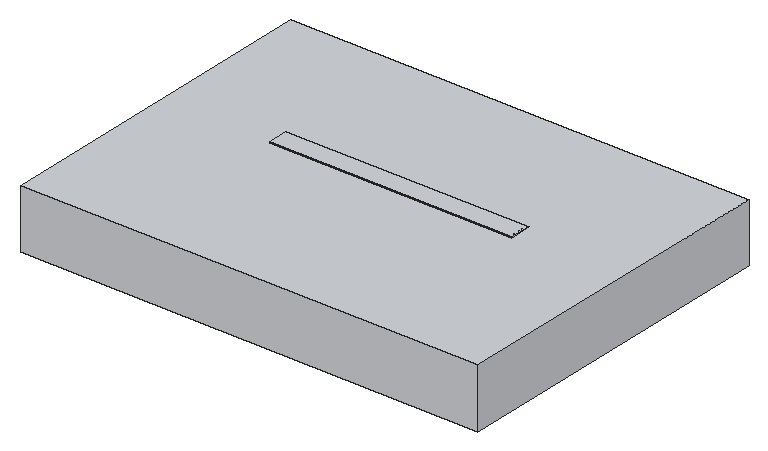
Revit family "rme_basic_sample_family", category Air Terminals, host Face, Revit 2019
Family settings
  Host = Face
  Round Connector Dimension = Use Diameter
  Part Type = Normal
  OmniClass Number = 23.75.70.21.27.11
  OmniClass Title = Diffusers, Registers, and Grilles
  Cut with Voids When Loaded = No
  Shared = No
  Room Calculation Point = No
Parameters (values of type "Standard")
  Width 5 = Diffuser Half Width + 32 mm  # 73.5 mm
  Width 4 = Diffuser Half Width / 4  # 10.375 mm
  Width 3 = Diffuser Half Width / 3  # 13.833 mm
  Width 2 = Diffuser Half Width / 2  # 20.75 mm
  Width 1 = Diffuser Width / 2 + 12.5 mm  # 54 mm
  Slot Width = 25 mm
  Slot Number = 2
  Radius = (Duct Height / 2) - 1.5 mm  # 73.5 mm
  Pressure Drop [instance] = 18.0 Pa
  Duct Height = 150 mm
  Duct Width = 200 mm
  Length 1 = Diffuser Length / 2 + 12.5 mm  # 622 mm
  Flow [instance] = 57.0 L/s
  Diffuser material = none
  Diffuser Half Length = Diffuser Length * 1 / 2  # 609.5 mm
  Diffuser Width = 83 mm
  Diffuser Length = 1219 mm
  Diffuser Half Width = Diffuser Width * 1 / 2  # 41.5 mm
  Default Elevation = 1200 mm
  Assembly Code = ""
  Slot Visibility 4 = Slot Number = 4  # no
  Slot Visibility 3 = Slot Number = 3  # no
  Slot Visibility 2 = Slot Number = 2  # yes
  Slot Visibility 1 = Slot Number = 1  # no
Reference planes
  plane 1 "Centre (Front/Back)": y = 0
  plane 2: z = 0
  plane 3 "Centre (Left/Right)": x = 0
  plane 4: y = -41.5
  plane 5: y = -54
  plane 6: y = 54
  plane 7: y = 41.5
  plane 8: x = -609.5
  plane 9: x = 622
  plane 10: x = 609.5
  plane 11: x = -622
  plane 12 "top surface": z = 3.175
  plane 13: z = -279.4
  plane 14: z = -234.95
  plane 15: z = -159.95
  plane 16: y = -73.5
  plane 17: y = 20.75
  plane 18: y = -20.75
  plane 19: y = 27.667
  plane 20: y = -27.667
  plane 21: y = 10.375
  plane 22: y = 31.125
  plane 23: y = -10.375
  plane 24: y = -31.125
  plane 25: z = -158.45
  plane 26: z = -161.45
  plane 27: z = -84.95
  plane 28: x = -100
  plane 29: x = 100
  plane 30: x = -26.5
  plane 31: x = 26.5
Forms (mm)
  Extrusion 1, solid
    sketch origin (0, 0, 0) x (1, 0, 0) y (0, 1, 0)
      loop
        line (-1180.8, 784.25) -> (-1180.8, -956.15) -> (1168.1, -956.15) -> (1168.1, 784.25) -> (-1180.8, 784.25)
    from 0 to -304.8
  Extrusion 2, solid, material <- "Diffuser material"
    sketch origin (0, 0, 0) x (1, 0, 0) y (0, 1, 0)
      loop
        line (-609.5, 41.5) -> (-609.5, -41.5) -> (609.5, -41.5) -> (609.5, 41.5) -> (-609.5, 41.5)
    from -279.4 to 0
  Extrusion 3, solid, material <- "Diffuser material"
    sketch origin (-200.09, -6.234, 0) x (1, 0, 0) y (0, 1, 0)
      loop
        line (-421.91, 60.234) -> (-421.91, -47.766) -> (822.09, -47.766) -> (822.09, 60.234) -> (-421.91, 60.234)
    from 0 to 3.175
  Extrusion 4, solid
    sketch origin (609.5, -41.5, 0) x (-1, 0, 0) y (0, 0, -1)
      loop
        arc (636, 84.95) -> (687.972, 106.478) -> (709.5, 158.45) r 73.5
        line (709.5, 158.45) -> (709.5, 161.45)
        arc (709.5, 161.45) -> (687.972, 213.422) -> (636, 234.95) r 73.5
        line (636, 234.95) -> (583, 234.95)
        arc (583, 234.95) -> (531.028, 213.422) -> (509.5, 161.45) r 73.5
        line (509.5, 161.45) -> (509.5, 158.45)
        arc (509.5, 158.45) -> (531.028, 106.478) -> (583, 84.95) r 73.5
        line (583, 84.95) -> (636, 84.95)
    from 0 to 32
Lines and regions (mm)
  model lines
    curve 1: line (-609.5, 41.5, 3.175) -> (609.5, 41.5, 3.175)
    curve 2: line (-609.5, -41.5, 3.175) -> (-609.5, 41.5, 3.175)
    curve 3: line (609.5, -41.5, 3.175) -> (-609.5, -41.5, 3.175)
    curve 4: line (609.5, 41.5, 3.175) -> (609.5, -41.5, 3.175)
  model lines, visible <- "Slot Visibility 2"
    curve 5: line (-609.5, 20.75, 3.175) -> (609.5, 20.75, 3.175)
    curve 6: line (-609.5, -20.75, 3.175) -> (609.5, -20.75, 3.175)
  model lines, visible <- "Slot Visibility 4"
    curve 7: line (-609.5, 31.125, 3.175) -> (609.5, 31.125, 3.175)
    curve 8: line (-609.5, -31.125, 3.175) -> (609.5, -31.125, 3.175)
    curve 9: line (-609.5, 10.375, 3.175) -> (609.5, 10.375, 3.175)
    curve 10: line (-609.5, -10.375, 3.175) -> (609.5, -10.375, 3.175)
  model lines, visible <- "Slot Visibility 3"
    curve 11: line (-609.5, 0, 3.175) -> (609.5, 0, 3.175)
    curve 12: line (-609.5, 27.667, 3.175) -> (609.5, 27.667, 3.175)
    curve 13: line (-609.5, -27.667, 3.175) -> (609.5, -27.667, 3.175)
  model lines, visible <- "Slot Visibility 1"
    curve 14: line (-609.5, 0, 3.175) -> (609.5, 0, 3.175)
  symbolic lines, visible <- "Slot Visibility 1", detail levels fine
    curve 15: line (-609.5, 0, 0) -> (609.5, 0, 0)
  symbolic lines, visible <- "Slot Visibility 3", detail levels fine
    curve 16: line (-609.5, 0, 0) -> (609.5, 0, 0)
    curve 21: line (-609.5, 27.667, 0) -> (609.5, 27.667, 0)
    curve 22: line (-609.5, -27.667, 0) -> (609.5, -27.667, 0)
  symbolic lines, visible <- "Slot Visibility 4", detail levels fine
    curve 17: line (-609.5, 10.375, 0) -> (609.5, 10.375, 0)
    curve 18: line (-609.5, -10.375, 0) -> (609.5, -10.375, 0)
    curve 23: line (-609.5, 31.125, 0) -> (609.5, 31.125, 0)
    curve 24: line (-609.5, -31.125, 0) -> (609.5, -31.125, 0)
  symbolic lines, visible <- "Slot Visibility 2", detail levels fine
    curve 19: line (-609.5, 20.75, 0) -> (609.5, 20.75, 0)
    curve 20: line (-609.5, -20.75, 0) -> (609.5, -20.75, 0)
  symbolic lines
    curve 25: line (-622, 54, 0) -> (622, 54, 0)
    curve 26: line (-622, -54, 0) -> (-622, 54, 0)
    curve 27: line (622, -54, 0) -> (-622, -54, 0)
    curve 28: line (622, 54, 0) -> (622, -54, 0)
  symbolic lines, detail levels fine
    curve 29: line (-609.5, 41.5, 0) -> (609.5, 41.5, 0)
    curve 30: line (-609.5, -41.5, 0) -> (-609.5, 41.5, 0)
    curve 31: line (609.5, -41.5, 0) -> (-609.5, -41.5, 0)
    curve 32: line (609.5, 41.5, 0) -> (609.5, -41.5, 0)
Dimensions and locks
  locked: level to plane 12 "top surface" at 3.175
  locked: level to plane 13 at 279.4
  locked: plane 14 to plane 13 at 44.45
  "Length 1": plane 3 "Centre (Left/Right)" to plane 9
  "Length 1": plane 11 to plane 3 "Centre (Left/Right)"
  "Width 1": plane 6 to plane 1 "Centre (Front/Back)"
  "Width 1": plane 5 to plane 1 "Centre (Front/Back)"
  "Diffuser Half Length": plane 8 to plane 3 "Centre (Left/Right)"
  "Diffuser Half Length": plane 3 "Centre (Left/Right)" to plane 10
  "Diffuser Half Width": plane 1 "Centre (Front/Back)" to plane 7
  "Diffuser Half Width": plane 4 to plane 1 "Centre (Front/Back)"
  "Width 2": plane 1 "Centre (Front/Back)" to plane 17
  "Width 2": plane 18 to plane 1 "Centre (Front/Back)"
  "Width 3": plane 19 to plane 7
  "Width 3": plane 20 to plane 4
  "Width 4": plane 21 to plane 1 "Centre (Front/Back)"
  "Width 4": plane 22 to plane 7
  "Width 4": plane 23 to plane 1 "Centre (Front/Back)"
  "Width 4": plane 24 to plane 4
  "Width 5": plane 16 to plane 1 "Centre (Front/Back)"
  plane 25 to plane 26 = 3 mm
  equal spacing: plane 25, plane 15, plane 26
  "Duct Height": plane 27 to plane 14
  equal spacing: plane 27, plane 15, plane 14
  "Duct Width": plane 29 to plane 28
  equal spacing: plane 29, plane 3 "Centre (Left/Right)", plane 28
  "Radius": plane 30 to plane 28
  "Radius": plane 29 to plane 31
  aligned and locked: plane 2 to Extrusion 1
  aligned and locked: level to Extrusion 1
  aligned and locked: Extrusion 2 to plane 13
  aligned and locked: level to Extrusion 2
  aligned and locked: plane 4 to curve 3
  aligned and locked: plane 7 to curve 1
  aligned and locked: plane 10 to Extrusion 2
  aligned and locked: plane 8 to curve 2
  aligned and locked: Extrusion 2 to plane 8
  aligned and locked: Extrusion 3 to plane 11
  aligned and locked: plane 9 to Extrusion 3
  aligned and locked: plane 6 to Extrusion 3
  aligned and locked: plane 5 to Extrusion 3
  aligned and locked: Extrusion 2 to plane 7
  aligned and locked: Extrusion 2 to plane 4
  aligned and locked: curve 5 to plane 17
  aligned and locked: plane 18 to curve 6
  aligned and locked: curve 7 to plane 22
  aligned and locked: plane 24 to curve 8
  aligned and locked: curve 9 to plane 21
  aligned and locked: plane 23 to curve 10
  aligned and locked: curve 12 to plane 19
  aligned and locked: curve 13 to plane 20
  aligned and locked: plane 1 "Centre (Front/Back)" to curve 11
  aligned and locked: plane 1 "Centre (Front/Back)" to curve 14
  aligned and locked: curve 15 to curve 14
  aligned and locked: curve 16 to curve 14
  aligned and locked: curve 17 to curve 9
  aligned and locked: curve 18 to curve 10
  aligned and locked: curve 19 to curve 5
  aligned and locked: curve 20 to curve 6
  aligned and locked: curve 21 to curve 12
  aligned and locked: curve 22 to curve 13
  aligned and locked: curve 23 to curve 7
  aligned and locked: curve 24 to curve 8
  aligned and locked: curve 25 to Extrusion 3  (x2)
  aligned and locked: Extrusion 3 to curve 28
  aligned and locked: curve 28 to Extrusion 3
  aligned and locked: curve 2 to curve 29
  aligned and locked: curve 29 to curve 1
  aligned and locked: curve 32 to curve 3
  aligned and locked: curve 32 to curve 4
  aligned and locked: plane 28 to Extrusion 4 sketch curve
  aligned and locked: plane 14 to Extrusion 4 sketch curve
  aligned and locked: Extrusion 4 sketch curve to plane 29
  aligned and locked: Extrusion 4 sketch curve to plane 27
  aligned and locked: plane 25 to Extrusion 4 sketch curve  (x2)
  aligned and locked: plane 30 to Extrusion 4 sketch curve  (x2)
  aligned and locked: plane 26 to Extrusion 4 sketch curve  (x2)
  aligned and locked: plane 31 to Extrusion 4 sketch curve  (x2)
Automatic sketch dimensions
  Extrusion 2 sketch curve to plane 4 = 0 mm
  Extrusion 2 sketch curve to plane 8 = 0 mm
  Extrusion 2 sketch curve to plane 10 = 0 mm
  Extrusion 2 sketch curve to plane 7 = 0 mm
  Extrusion 3 sketch curve to plane 5 = 0 mm
  Extrusion 3 sketch curve to plane 11 = 0 mm
  Extrusion 3 sketch curve to plane 9 = 0 mm
  Extrusion 3 sketch curve to plane 6 = 0 mm
  curve 6 to plane 8 = 0 mm
  curve 5 to plane 8 = 0 mm
  curve 6 to plane 10 = 0 mm
  curve 5 to plane 10 = 0 mm
  curve 14 to plane 10 = 0 mm
  Extrusion 1 sketch curve to Extrusion 1 sketch curve = 2348.9 mm
  Extrusion 1 sketch curve to Extrusion 1 sketch curve = 1740.4 mm
Connectors
  hvac at (0, -73.5, -159.95), driven by "Duct Height", driven by "Duct Width", driven by "Flow"
    settings: on Extrusion 4, index 1, duct flow 57.0 L/s, flow factor 0, pres drop 0.0 Pa, loss coef 0, conn angle 0.00°, conn width 200 mm, conn height 150 mm, conn diameter 609.6 mm, duct sys type 1, conn prof type 2, flow config 1, flow direction 1, loss method 0, conn ref index -1, conn util no, is conn primary yes, conn desc ""
